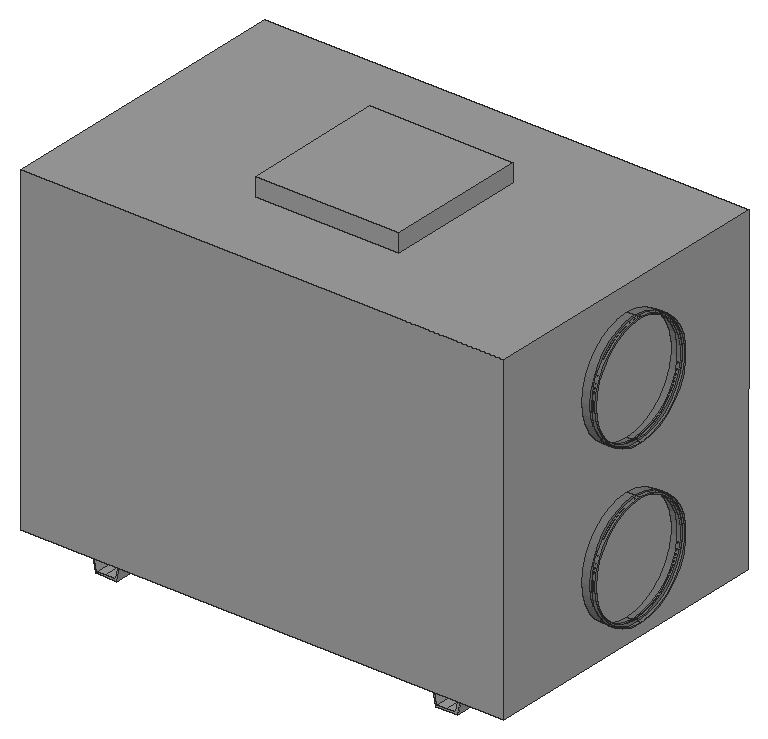
Revit family "BIMLIB_ПриточноВытяжнаяУстановка_UniMAX-R_SE-SW_SHUFT", category Оборудование, Revit 2017
Family settings
  Размер круглого соединителя = Использовать диаметр
  Тип детали = Нормальный
  На основе рабочей плоскости = Нет
  Всегда вертикально = Да
  При загрузке вырезать с полостями = Нет
  Общий = Нет
  Точка расчета площади = Нет
Parameters (values of type "UniMAX-R 2200SW с вентилятором модификации EC")
  Повернуть УГО [instance] = yes
  Описание = "Установки серии UniMAX-R SE/SW ECпредназначены для очистки, подогрева и подачи свежего воздуха в жилые, общественные и производственные помещения небольших и средних объемов: офисы, магазины, квартиры и т.п. В процессе работы установки удаляют из помещения загрязненный воздух, очищая его и извлекая из него тепло, и передают это тепло поступающему воздуху. Тем самым установки позволяют экономить энергоресурсы и эффективно вентилировать помещения при имеющихся ограничениях на энергоресурсы"  # constant formula
  Изготовитель = "ООО «Завод ВКО» марка SHUFT"  # constant formula
  Watermark [instance] = "Модели защищены уникальным кодом"
  W2 = ADSK_Размер_Ширина - 100 mm  # 753 mm
  W1 = ADSK_Размер_Ширина / 2  # 426.5 mm
  L = 1350 mm
  F = 40 mm
  H2 = 50 mm  # constant formula
  H1 = 70 mm
  URL = "http://www.shuft.ru/"
  H = 900 mm
  D = 315 mm
  BL_Разработано = "support@bimlib.pro"  # constant formula
  BL_Email = "bimmodels@rusklimat.ru"  # constant formula
  BL_BIM library = "https://bimlib.pro/manufacturer/company/23829"
  ADSK_Ток = 6.47 A
  ADSK_Тип воздушного фильтра = "Приточный/вытяжной EU7/EU5"
  ADSK_Расход воздуха приточный [instance] = 0.0 L/s
  ADSK_Расход воздуха вытяжной [instance] = 0.0 L/s
  ADSK_Размер_Ширина = 853 mm
  ADSK_Размер_Длина = L + 2 * F  # 1430 mm
  ADSK_Размер_Высота = H + H2 + H1  # 1020 mm
  ADSK_Примечание [instance] = ""
  ADSK_Полная мощность = ADSK_Номинальная мощность / ADSK_Коэффициент мощности  # 990 VA
  ADSK_Позиция = ""
  ADSK_Обозначение = ""
  ADSK_Номинальная мощность = 990 W
  ADSK_Напряжение = 230 V
  ADSK_Наименование = "Приточно-вытяжная вентиляционная установка UniMAX-R 2200SW с вентилятором модификации EC"
  ADSK_Материал = BIMLIB_Сталь_SHUFT
  ADSK_Масса_Текст = "216"
  ADSK_Масса = 216
  ADSK_Марка = ADSK_Код изделия  # "UniMAX-R 2200SW EC"
  ADSK_Коэффициент мощности = 1
  ADSK_Количество фаз = 1
  ADSK_Код изделия = "UniMAX-R 2200SW EC"
  ADSK_Классификация нагрузок = Прочее
  ADSK_Завод-изготовитель = Изготовитель  # "ООО «Завод ВКО» марка SHUFT"
  ADSK_Единица измерения = "шт."  # constant formula
  ADSK_Версия семейства = "v.1"  # constant formula
  ADSK_Версия Revit = "2017"  # constant formula
  ADSK_URL страницы изделия = "http://www.shuft.ru/catalog/2/206/3034/4054/"
  ADSK_URL документации изделия = "http://www.shuft.ru/upload/downloads/UniMAX-R%20450SE-SW%20EC.pdf"
Types (9, lengths in mm): name | W2 | W1 | L | F | H1 | H | D | ADSK_Ток | ADSK_Размер_Ширина | ADSK_Размер_Длина | ADSK_Размер_Высота | ADSK_Полная мощность | ADSK_Номинальная мощность | ADSK_Напряжение | ADSK_Наименование | ADSK_Масса_Текст | ADSK_Масса | ADSK_Марка | ADSK_Количество фаз | ADSK_Код изделия
  (no name) | 753 | 426.5 | 1350 | 40 | 70 | 900 | 315 | 6.47 A | 853 | 1430 | 1020 | 990 VA | 990 W | 230 V | "Приточно-вытяжная вентиляционная установка UniMAX-R 2200SW с вентилятором модификации EC" | "216" | 216 | "UniMAX-R 2200SW EC" | 1 | "UniMAX-R 2200SW EC"
  UniMAX-R 2200SE с вентилятором модификации EC | 753 | 426.5 | 1350 | 40 | 70 | 900 | 315 | 19.47 A | 853 | 1430 | 1020 | 9990 VA | 9990 W | 380 V | "Приточно-вытяжная вентиляционная установка UniMAX-R 2200SE с вентилятором модификации EC" | "216" | 216 | "UniMAX-R 2200SE EC" | 3 | "UniMAX-R 2200SE EC"
  UniMAX-R 450SE с вентилятором модификации EC | 460 | 280 | 1000 | 30 | 30 | 610 | 200 | 6.48 A | 560 | 1060 | 690 | 1480 VA | 1480 W | 230 V | "Приточно-вытяжная вентиляционная установка UniMAX-R 450SE с вентилятором модификации EC" | "48" | 48 | "UniMAX-R 450SE EC" | 1 | "UniMAX-R 450SE EC"
  UniMAX-R 850SE с вентилятором модификации EC | 553 | 326.5 | 1100 | 40 | 40 | 604 | 250 | 12.31 A | 653 | 1180 | 694 | 2450 VA | 2450 W | 230 V | "Приточно-вытяжная вентиляционная установка UniMAX-R 850SE с вентилятором модификации EC" | "57" | 57 | "UniMAX-R 850SE EC" | 1 | "UniMAX-R 850SE EC"
  UniMAX-R 1400SE с вентилятором модификации EC | 753 | 426.5 | 1350 | 40 | 70 | 900 | 315 | 15.69 A | 853 | 1430 | 1020 | 4840 VA | 4840 W | 230 V | "Приточно-вытяжная вентиляционная установка UniMAX-R 1400SE с вентилятором модификации EC" | "152" | 152 | "UniMAX-R 1400SE EC" | 1 | "UniMAX-R 1400SE EC"
  UniMAX-R 450SW с вентилятором модификации EC | 460 | 280 | 1000 | 30 | 30 | 610 | 200 | 2.66 A | 560 | 1060 | 690 | 350 VA | 350 W | 230 V | "Приточно-вытяжная вентиляционная установка UniMAX-R 450SW с вентилятором модификации EC" | "48" | 48 | "UniMAX-R 450SW EC" | 1 | "UniMAX-R 450SW EC"
  UniMAX-R 850SW с вентилятором модификации EC | 553 | 326.5 | 1100 | 40 | 40 | 604 | 250 | 3.61 A | 653 | 1180 | 694 | 450 VA | 450 W | 230 V | "Приточно-вытяжная вентиляционная установка UniMAX-R 850SW с вентилятором модификации EC" | "57" | 57 | "UniMAX-R 850SW EC" | 1 | "UniMAX-R 850SW EC"
  UniMAX-R 1400SW с вентилятором модификации EC | 753 | 426.5 | 1350 | 40 | 70 | 900 | 315 | 5.69 A | 853 | 1430 | 1020 | 840 VA | 840 W | 230 V | "Приточно-вытяжная вентиляционная установка UniMAX-R 1400SW с вентилятором модификации EC" | "152" | 152 | "UniMAX-R 1400SW EC" | 1 | "UniMAX-R 1400SW EC"
  UniMAX-R 2200SW с вентилятором модификации EC | 753 | 426.5 | 1350 | 40 | 70 | 900 | 315 | 6.47 A | 853 | 1430 | 1020 | 990 VA | 990 W | 230 V | "Приточно-вытяжная вентиляционная установка UniMAX-R 2200SW с вентилятором модификации EC" | "216" | 216 | "UniMAX-R 2200SW EC" | 1 | "UniMAX-R 2200SW EC"
Reference planes
  plane 1 "По центру (Вперед/Назад)": y = 0
  plane 2: z = 0
  plane 3 "По центру (Влево/Вправо)": x = 0
  plane 4 "Перед": y = -426.5
  plane 5 "Зад": y = 426.5
  plane 6: z = 1020
  plane 7 "Лево корпус": x = -675
  plane 8 "Право корпус": x = 675
  plane 9: z = 70
  plane 10 "Панель": z = 970
  plane 11 "ДВЕРЬ": y = -376.5
  plane 12 "коннекторы": y = 0
  plane 13: x = -475
  plane 14: x = 475
  plane 15 "ДВЕРЬ СЗАДИ": y = 376.5
  plane 16: z = 295
  plane 17: z = 520
  plane 18: z = 745
  plane 19: z = 295
  plane 20: z = 745
  plane 21: x = 715
  plane 22: x = -715
Forms (mm)
  Extrusion 1, solid, material "BIMLIB_Сталь_SHUFT" <- "ADSK_Материал", detail levels medium+fine
    sketch origin (0, 0, 70) x (-1, 0, 0) y (0, -1, 0)
      loop
        line (-675, -426.5) -> (675, -426.5) -> (675, 426.5) -> (-675, 426.5) -> (-675, -426.5)
    from 0 to 900
Lines and regions (mm)
  model lines, detail levels fine
    curve 1: line (-675, -376.5, 970) -> (-675, -376.5, 70)
    curve 2: line (-675, -376.5, 70) -> (675, -376.5, 70)
    curve 3: line (675, -376.5, 70) -> (675, -376.5, 970)
    curve 4: line (675, -376.5, 970) -> (-675, -376.5, 970)
    curve 5: line (0, -376.5, 970) -> (0, -426.5, 970)
    curve 6: line (0, -426.5, 970) -> (0, -426.5, 70)
    curve 7: line (0, -426.5, 70) -> (0, -376.5, 70)
    curve 8: line (-675, 376.5, 970) -> (-675, 376.5, 70)
    curve 9: line (-675, 376.5, 70) -> (675, 376.5, 70)
    curve 10: line (675, 376.5, 70) -> (675, 376.5, 970)
    curve 11: line (675, 376.5, 970) -> (-675, 376.5, 970)
    curve 12: line (0, 376.5, 970) -> (0, 426.5, 970)
    curve 13: line (0, 426.5, 970) -> (0, 426.5, 70)
    curve 14: line (0, 426.5, 70) -> (0, 376.5, 70)
Dimensions and locks
  equal spacing: plane 4 "Перед", plane 1 "По центру (Вперед/Назад)", plane 5 "Зад"
  "ADSK_Размер_Ширина": plane 4 "Перед" to plane 5 "Зад"
  "H1": plane 9 to level
  "L": plane 7 "Лево корпус" to plane 8 "Право корпус"
  equal spacing: plane 7 "Лево корпус", plane 3 "По центру (Влево/Вправо)", plane 8 "Право корпус"
  "H2": plane 6 to plane 10 "Панель"
  locked: plane 11 "ДВЕРЬ" to plane 4 "Перед" at 50
  locked: plane 13 to plane 7 "Лево корпус" at 200
  locked: plane 14 to plane 8 "Право корпус" at 200
  locked: plane 15 "ДВЕРЬ СЗАДИ" to plane 5 "Зад" at 50
  "F": plane 8 "Право корпус" to plane 21
  "F": plane 22 to plane 7 "Лево корпус"
  "W1": plane 12 "коннекторы" to plane 4 "Перед"
  plane 8 "Право корпус" to plane 3 "По центру (Влево/Вправо)" = 675 mm
  equal spacing: plane 10 "Панель", plane 20, plane 17, plane 19, plane 9
  "H": plane 10 "Панель" to plane 9
  aligned and locked: level to plane 2
  aligned and locked: plane 1 "По центру (Вперед/Назад)" to nested 1
  aligned and locked: plane 3 "По центру (Влево/Вправо)" to nested 1
  aligned and locked: Extrusion 1 sketch curve to plane 5 "Зад"
  aligned and locked: Extrusion 1 sketch curve to plane 8 "Право корпус"
  aligned and locked: Extrusion 1 sketch curve to plane 7 "Лево корпус"
  aligned and locked: Extrusion 1 sketch curve to plane 4 "Перед"
  aligned and locked: plane 10 "Панель" to Extrusion 1
  aligned and locked: plane 12 "коннекторы" to nested 7
  aligned and locked: plane 12 "коннекторы" to nested 5
  aligned and locked: nested 3 to plane 14
  aligned and locked: plane 13 to nested 2
  aligned and locked: nested 3 to plane 15 "ДВЕРЬ СЗАДИ"
  aligned and locked: nested 3 to plane 11 "ДВЕРЬ"
  aligned and locked: nested 2 to plane 11 "ДВЕРЬ"
  aligned and locked: nested 2 to plane 15 "ДВЕРЬ СЗАДИ"
  aligned and locked: plane 1 "По центру (Вперед/Назад)" to nested 8
  aligned and locked: plane 19 to nested 4
  aligned and locked: nested 4 to plane 7 "Лево корпус"
  aligned and locked: plane 12 "коннекторы" to nested 4
  aligned and locked: nested 5 to plane 7 "Лево корпус"
  aligned and locked: plane 20 to nested 5
  aligned and locked: nested 6 to plane 8 "Право корпус"
  aligned and locked: nested 6 to plane 18
  aligned and locked: plane 12 "коннекторы" to nested 6
  aligned and locked: nested 7 to plane 8 "Право корпус"
  aligned and locked: nested 7 to plane 16
  aligned and locked: Extrusion 1 to plane 9
  aligned and locked: plane 3 "По центру (Влево/Вправо)" to nested 8
  aligned and locked: plane 18 to plane 20
  aligned and locked: plane 16 to plane 19
Automatic sketch dimensions
  plane 8 "Право корпус" to curve 4 = 0 mm
  curve 4 to plane 7 "Лево корпус" = 0 mm
  curve 1 to plane 9 = 0 mm
  curve 1 to plane 10 "Панель" = 0 mm
  curve 8 to plane 7 "Лево корпус" = 0 mm
  plane 8 "Право корпус" to curve 11 = 0 mm
  curve 8 to plane 9 = 0 mm
  curve 8 to plane 10 "Панель" = 0 mm
  curve 5 to plane 4 "Перед" = 0 mm
  curve 7 to plane 9 = 0 mm
  curve 7 to plane 11 "ДВЕРЬ" = 0 mm
  curve 5 to plane 10 "Панель" = 0 mm
  curve 5 to plane 11 "ДВЕРЬ" = 0 mm
  curve 12 to plane 10 "Панель" = 0 mm
  curve 12 to plane 15 "ДВЕРЬ СЗАДИ" = 0 mm
  curve 14 to plane 9 = 0 mm
  curve 14 to plane 15 "ДВЕРЬ СЗАДИ" = 0 mm
  curve 14 to plane 5 "Зад" = 0 mm
Nested families
  nested 1: "BIMLIB_УГО_SHUFT" at (0, 0, 0), Высота <- "ADSK_Размер_Высота", Ширина <- "ADSK_Размер_Ширина", УГО сверху <- "Повернуть УГО", Длина <- "ADSK_Размер_Длина", type "BIMLIB_УГО_SHUFT", detail levels coarse
    with Ширина/4 213.25 mm, Ширина 853 mm, УГО спереди no, УГО сверху yes, Длина 1430 mm, Высота/4 255 mm, Высота УГО 3д План 280 mm, Высота 1020 mm
  nested 2: "BIMLIB_Ножки_SHUFT" at (-475, 0, 0), Материал <- "ADSK_Материал", Высота <- "H1", Ширина <- "W2", type "BIMLIB_Ножки_SHUFT"
    with Ширина 753 mm, Материал BIMLIB_Сталь_SHUFT, Высота 70 mm
  nested 3: "BIMLIB_Ножки_SHUFT" at (475, 0, 0), Материал <- "ADSK_Материал", Высота <- "H1", Ширина <- "W2", type "BIMLIB_Ножки_SHUFT"
    with Ширина 753 mm, Материал BIMLIB_Сталь_SHUFT, Высота 70 mm
  nested 4: "BIMLIB_Подключение_Круглое_SHUFT" at (-675, 0, 295) x (-1, 0, 0) z (0, -1, 0), D <- "D", L <- "F", type "BIMLIB_Подключение_Круглое_SHUFT", detail levels medium+fine
    with Материал BIMLIB_Сталь_Патрубки_SHUFT, L 40 mm, D 315 mm
  nested 5: "BIMLIB_Подключение_Круглое_SHUFT" at (-675, 0, 745) x (-1, 0, 0) z (0, -1, 0), D <- "D", L <- "F", type "BIMLIB_Подключение_Круглое_SHUFT", detail levels medium+fine
    with Материал BIMLIB_Сталь_Патрубки_SHUFT, L 40 mm, D 315 mm
  nested 6: "BIMLIB_Подключение_Круглое_SHUFT" at (675, 0, 745) x (1, 0, 0) z (0, -1, 0), D <- "D", L <- "F", type "BIMLIB_Подключение_Круглое_SHUFT", detail levels medium+fine
    with Материал BIMLIB_Сталь_Патрубки_SHUFT, L 40 mm, D 315 mm
  nested 7: "BIMLIB_Подключение_Круглое_SHUFT" at (675, 0, 295) x (1, 0, 0) z (0, -1, 0), D <- "D", L <- "F", type "BIMLIB_Подключение_Круглое_SHUFT", detail levels medium+fine
    with Материал BIMLIB_Сталь_Патрубки_SHUFT, L 40 mm, D 315 mm
  nested 8: "BIMLIB_Панель_SHUFT" at (0, 0, 970), Материал <- "ADSK_Материал", type "BIMLIB_Панель_SHUFT", detail levels fine
    with Ширина 400 mm, Материал BIMLIB_Сталь_SHUFT, Длина 400 mm
Connectors
  hvac at (-715, 0, 295), driven by "D", driven by "ADSK_Расход воздуха приточный"
    settings: on nested 4, index 18, duct flow 0.0 L/s, flow factor 0, pres drop 0.0 Pa, loss coef 0, conn angle 0.00°, conn width 304.8 mm, conn height 304.8 mm, conn diameter 315 mm, duct sys type 1, conn prof type 0, flow config 0, flow direction 2, loss method 0, conn ref index 20, conn util no, is conn primary yes, conn desc "Приточный воздух"
  hvac at (-715, 0, 745), driven by "D", driven by "ADSK_Расход воздуха вытяжной"
    settings: on nested 5, index 19, duct flow 0.0 L/s, flow factor 0, pres drop 0.0 Pa, loss coef 0, conn angle 0.00°, conn width 304.8 mm, conn height 304.8 mm, conn diameter 315 mm, duct sys type 3, conn prof type 0, flow config 0, flow direction 1, loss method 0, conn ref index 21, conn util no, is conn primary no, conn desc "Вытяжной воздух"
  hvac at (715, 0, 745), driven by "D", driven by "ADSK_Расход воздуха приточный"
    settings: on nested 6, index 20, duct flow 0.0 L/s, flow factor 0, pres drop 0.0 Pa, loss coef 0, conn angle 0.00°, conn width 304.8 mm, conn height 304.8 mm, conn diameter 315 mm, duct sys type 1, conn prof type 0, flow config 0, flow direction 1, loss method 0, conn ref index 18, conn util no, is conn primary no, conn desc "Наружный воздух"
  hvac at (715, 0, 295), driven by "D", driven by "ADSK_Расход воздуха вытяжной"
    settings: on nested 7, index 21, duct flow 0.0 L/s, flow factor 0, pres drop 0.0 Pa, loss coef 0, conn angle 0.00°, conn width 304.8 mm, conn height 304.8 mm, conn diameter 315 mm, duct sys type 3, conn prof type 0, flow config 0, flow direction 2, loss method 0, conn ref index 19, conn util no, is conn primary no, conn desc "Выбрасываемый воздух"
  electrical at (0, -426.5, 520), driven by "ADSK_Количество фаз", driven by "ADSK_Классификация нагрузок", driven by "ADSK_Напряжение", driven by "ADSK_Полная мощность", driven by "ADSK_Коэффициент мощности"
    settings: on Extrusion 1, index 22, voltage 230 V, apparent load 990 VA, apparent load phase1 0 VA, apparent load phase2 0 VA, apparent load phase3 0 VA, power factor 1, load classification "Прочее", number of poles 1, system type 30, power factor state 1, is connector primary yes, connector utility no, sub classification motor no, connector description "Электрический соединитель"
Definition of nested family "BIMLIB_Ножки_SHUFT"
  Parameters (values of type "BIMLIB_Ножки_SHUFT")
    Default Elevation = 1219.2 mm
    Материал [instance] = none
    Ширина [instance] = 300 mm
    Высота [instance] = 40 mm
  Reference planes
    plane 1 "По центру (Вперед/Назад)": y = 0
    plane 2: z = 0
    plane 3 "По центру (Влево/Вправо)": x = 0
    plane 4: y = 150
    plane 5: y = -150
    plane 6: z = 40
  Forms (mm)
    Extrusion 1, solid, material <- "Материал", detail levels medium+fine
      sketch origin (0, 0, 0) x (1, 0, 0) y (0, 0, 1)
        loop
          line (0, 0) -> (30, 0) -> (44.559, 40) -> (39.238, 40) -> (26.499, 5) -> (0, 5) -> (-26.499, 5) -> (-39.238, 40) -> (-44.559, 40) -> (-30, 0) -> (0, 0)
      from -150 to 150
  Dimensions and locks
    equal spacing: plane 4, plane 1 "По центру (Вперед/Назад)", plane 5
    "Ширина": plane 4 to plane 5
    "Высота": plane 6 to level
    aligned and locked: level to plane 2
    aligned and locked: plane 5 to Extrusion 1
    aligned and locked: plane 4 to Extrusion 1
    aligned and locked: Extrusion 1 sketch curve to plane 6  (x2)
  Automatic sketch dimensions
    Extrusion 1 sketch curve to level = 0 mm
    Extrusion 1 sketch curve to plane 3 "По центру (Влево/Вправо)" = 0 mm  (x2)
    Extrusion 1 sketch curve to plane 3 "По центру (Влево/Вправо)" = 30 mm
    plane 3 "По центру (Влево/Вправо)" to Extrusion 1 sketch curve = 30 mm
    Extrusion 1 sketch curve to Extrusion 1 sketch curve = 14.559 mm  (x2)
    level to Extrusion 1 sketch curve = 5 mm
    Extrusion 1 sketch curve to Extrusion 1 sketch curve = 5.321 mm  (x2)
    Extrusion 1 sketch curve to Extrusion 1 sketch curve = 3.501 mm  (x2)
Definition of nested family "BIMLIB_Подключение_Круглое_SHUFT"
  Parameters (values of type "BIMLIB_Подключение_Круглое_SHUFT")
    Default Elevation = 1219.2 mm
    Материал [instance] = none
    L [instance] = 30 mm
    D [instance] = 300 mm
  Reference planes
    plane 1 "По центру (Вперед/Назад)": y = 0
    plane 2: z = 0
    plane 3 "По центру (Влево/Вправо)": x = 0
    plane 4: y = 150
    plane 5: y = -150
    plane 6: x = 30
  Forms (mm)
    Revolve 1, solid, material <- "Материал", detail levels medium+fine
      sketch origin (0, 0, 0) x (1, 0, 0) y (0, 1, 0)
        loop
          line (30, 148) -> (30, 150) -> (20, 150) -> (20, 145) -> (15, 145) -> (15, 150) -> (0, 150) -> (0, 148) -> (13, 148) -> (13, 143) -> (22, 143) -> (22, 148) -> (30, 148)
        axis (30, 0) -> (0, 0)
      angle from 0 to 360
  Dimensions and locks
    equal spacing: plane 4, plane 1 "По центру (Вперед/Назад)", plane 5
    "D": plane 4 to plane 5
    "L": plane 3 "По центру (Влево/Вправо)" to plane 6
    aligned and locked: level to plane 2
    aligned and locked: Revolve 1 sketch curve to plane 1 "По центру (Вперед/Назад)"
    aligned and locked: plane 6 to Revolve 1 sketch curve
    aligned and locked: plane 4 to Revolve 1 sketch curve  (x2)
    aligned and locked: Revolve 1 sketch curve to plane 3 "По центру (Влево/Вправо)"
  Automatic sketch dimensions
    Revolve 1 sketch curve to Revolve 1 sketch curve = 2 mm  (x5)
    Revolve 1 sketch curve to Revolve 1 sketch curve = 5 mm
    Revolve 1 sketch curve to Revolve 1 sketch curve = 8 mm
    Revolve 1 sketch curve to Revolve 1 sketch curve = 3 mm
    Revolve 1 sketch curve to plane 3 "По центру (Влево/Вправо)" = 2000 mm
    plane 6 to Revolve 1 sketch curve = 1535.044 mm
Definition of nested family "BIMLIB_Панель_SHUFT"
  Parameters (values of type "BIMLIB_Панель_SHUFT")
    Default Elevation = 1219.2 mm
    Материал [instance] = none
    Ширина [instance] = 300 mm
    Длина [instance] = 920 mm
  Reference planes
    plane 1 "По центру (Вперед/Назад)": y = 0
    plane 2: z = 0
    plane 3 "По центру (Влево/Вправо)": x = 0
    plane 4: y = 150
    plane 5: y = -150
    plane 6: z = 30
    plane 7: x = -460
    plane 8: x = 460
  Forms (mm)
    Extrusion 1, solid, material <- "Материал", detail levels fine
      sketch origin (0, 0, 0) x (1, 0, 0) y (0, 1, 0)
        loop
          line (-460, 150) -> (-460, -150) -> (460, -150) -> (460, 150) -> (-460, 150)
      from 0 to 51
  Dimensions and locks
    equal spacing: plane 4, plane 1 "По центру (Вперед/Назад)", plane 5
    "Ширина": plane 4 to plane 5
    plane 6 to level = 30 mm
    equal spacing: plane 7, plane 3 "По центру (Влево/Вправо)", plane 8
    "Длина": plane 7 to plane 8
    aligned and locked: level to plane 2
    aligned and locked: Extrusion 1 sketch curve to plane 4
    aligned and locked: Extrusion 1 sketch curve to plane 7
    aligned and locked: Extrusion 1 sketch curve to plane 5
    aligned and locked: Extrusion 1 sketch curve to plane 8
Definition of nested family "BIMLIB_УГО_SHUFT"
  Parameters (values of type "BIMLIB_УГО_SHUFT")
    Ширина/4 [instance] = Ширина / 4  # 105 mm
    Ширина [instance] = 420 mm
    УГО спереди [instance] = not(УГО сверху)  # no
    УГО сверху [instance] = yes
    Высота/4 [instance] = Высота / 4  # 63 mm
    Длина [instance] = 810 mm
    Высота УГО 3д План [instance] = 126 mm
    Высота [instance] = 252 mm
  Reference planes
    plane 1 "По центру (Вперед/Назад)": y = 0
    plane 2: z = 0
    plane 3 "По центру (Влево/Вправо)": x = 0
    plane 4: x = -405
    plane 5: x = 405
    plane 6: y = 210
    plane 7: y = -210
    plane 8: z = 126
    plane 9 "УГО 3Д": z = 252
    plane 10: x = -270
    plane 11: x = -135
    plane 12: z = 189
    plane 13: z = 63
    plane 14: x = 63
    plane 15: x = 105
    plane 16: y = 105
    plane 17: y = -105
    plane 18 "УГО": z = 126
  Lines and regions (mm)
    model lines, visible <- "УГО спереди", detail levels coarse
      curve 1: line (-405, 0, 252) -> (-405, 0, 0)
      curve 2: line (-405, 0, 0) -> (405, 0, 0)
      curve 3: line (405, 0, 0) -> (405, 0, 252)
      curve 4: line (405, 0, 252) -> (-405, 0, 252)
      curve 5: line (-270, 0, 252) -> (-270, 0, 0)
      curve 6: line (-135, 0, 252) -> (-135, 0, 0)
      curve 7: line (0, 0, 189) -> (0, 0, 63)
      curve 8: line (0, 0, 63) -> (63, 0, 126)
      curve 9: line (63, 0, 126) -> (0, 0, 189)
    model lines, visible <- "УГО сверху", detail levels coarse
      curve 10: line (-405, 210, 126) -> (-405, -210, 126)
      curve 11: line (-405, -210, 126) -> (405, -210, 126)
      curve 12: line (405, -210, 126) -> (405, 210, 126)
      curve 13: line (405, 210, 126) -> (-405, 210, 126)
      curve 14: line (-270, 210, 126) -> (-270, -210, 126)
      curve 15: line (-135, 210, 126) -> (-135, -210, 126)
      curve 16: line (0, 105, 126) -> (105, 0, 126)
      curve 17: line (105, 0, 126) -> (0, -105, 126)
      curve 18: line (0, -105, 126) -> (0, 105, 126)
    symbolic lines, detail levels coarse
      curve 19: line (-405, 0, 252) -> (-405, 0, 0)
      curve 20: line (-405, 0, 0) -> (405, 0, 0)
      curve 21: line (405, 0, 0) -> (405, 0, 252)
      curve 22: line (405, 0, 252) -> (-405, 0, 252)
      curve 23: line (-270, 0, 252) -> (-270, 0, 0)
      curve 24: line (-135, 0, 0) -> (-135, 0, 252)
      curve 25: line (0, 0, 189) -> (63, 0, 126)
      curve 26: line (63, 0, 126) -> (0, 0, 63)
      curve 27: line (0, 0, 63) -> (0, 0, 189)
      curve 28: line (-405, 210, 0) -> (-405, -210, 0)
      curve 29: line (-405, -210, 0) -> (405, -210, 0)
      curve 30: line (405, -210, 0) -> (405, 210, 0)
      curve 31: line (405, 210, 0) -> (-405, 210, 0)
      curve 32: line (-270, 210, 0) -> (-270, -210, 0)
      curve 33: line (-135, -210, 0) -> (-135, 210, 0)
      curve 34: line (0, 105, 0) -> (105, 0, 0)
      curve 35: line (105, 0, 0) -> (0, -105, 0)
      curve 36: line (0, -105, 0) -> (0, 105, 0)
  Dimensions and locks
    equal spacing: plane 4, plane 3 "По центру (Влево/Вправо)", plane 5
    "Длина": plane 4 to plane 5
    "Ширина": plane 7 to plane 6
    equal spacing: plane 4, plane 10, plane 11, plane 3 "По центру (Влево/Вправо)"
    "Высота": plane 9 "УГО 3Д" to level
    equal spacing: plane 9 "УГО 3Д", plane 12, plane 8, plane 13, level
    "Высота/4": plane 14 to plane 3 "По центру (Влево/Вправо)"
    equal spacing: plane 6, plane 16, plane 1 "По центру (Вперед/Назад)", plane 17, plane 7
    "Ширина/4": plane 15 to plane 3 "По центру (Влево/Вправо)"
    "Ширина/4": plane 3 "По центру (Влево/Вправо)" to plane 15
    "Высота УГО 3д План": plane 18 "УГО" to level
    aligned and locked: level to plane 2
  Automatic sketch dimensions
    curve 12 to plane 5 = 0 mm
    plane 1 "По центру (Вперед/Назад)" to curve 16 = 0 mm
    curve 16 to plane 15 = 0 mm
    curve 18 to plane 3 "По центру (Влево/Вправо)" = 0 mm
    curve 15 to plane 11 = 0 mm
    curve 14 to plane 10 = 0 mm
    curve 11 to plane 4 = 0 mm
    curve 13 to plane 6 = 0 mm
    curve 18 to plane 16 = 0 mm
    plane 7 to curve 12 = 0 mm
    curve 1 to plane 4 = 0 mm
    curve 5 to plane 9 "УГО 3Д" = 0 mm
    curve 5 to plane 10 = 0 mm
    curve 23 to level = 0 mm
    curve 23 to plane 10 = 0 mm
    curve 6 to plane 11 = 0 mm
    curve 24 to plane 11 = 0 mm
    curve 9 to plane 3 "По центру (Влево/Вправо)" = 0 mm
    curve 8 to plane 8 = 0 mm
    curve 8 to plane 14 = 0 mm
    curve 20 to plane 5 = 0 mm
    curve 27 to plane 12 = 0 mm
    curve 28 to plane 4 = 0 mm
    curve 32 to plane 6 = 0 mm
    curve 32 to plane 10 = 0 mm
    plane 7 to curve 33 = 0 mm
    curve 33 to plane 11 = 0 mm
    curve 34 to plane 3 "По центру (Влево/Вправо)" = 0 mm
    plane 1 "По центру (Вперед/Назад)" to curve 34 = 0 mm
    curve 30 to plane 5 = 0 mm
    curve 36 to plane 17 = 0 mm
    curve 36 to plane 16 = 0 mm
